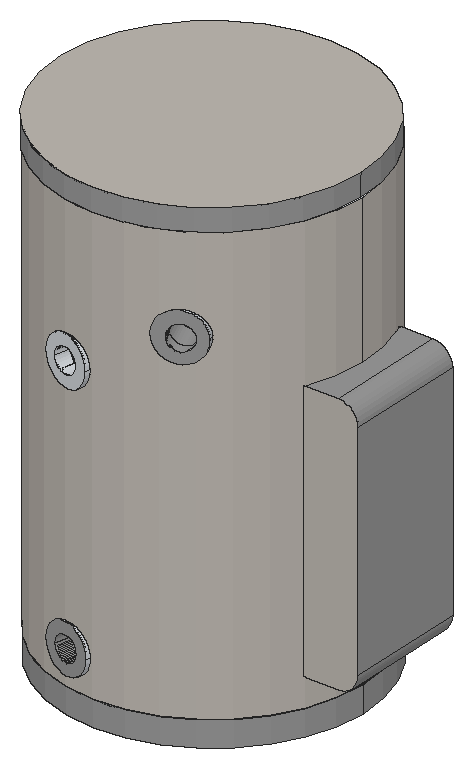
Revit family "Enamel elec 60L", category Generic Models, Revit 2021
Family settings
  Can host rebar = No
  Round Connector Dimension = Use Diameter
  Part Type = Normal
  Work Plane-Based = Yes
  Always vertical = Yes
  Cut with Voids When Loaded = No
  Shared = No
  Room Calculation Point = No
Parameters
  Default Elevation = 1219.2 mm
Reference planes
  plane 1 "Center (Front/Back)": y = 0
  plane 2: z = 0
  plane 3 "Center (Left/Right)": x = 0
Forms (mm)
  Extrusion 1, solid
    sketch origin (-11826.282, 0.442, 1.25) x (1, 0, 0) y (0, 1, 0)
      loop
        circle (11802.381, 3146.28) r 235
    from 0 to 684.518
  Extrusion 2, solid
    sketch origin (332.93, 2987.568, 76.347) x (0.999848, 0.017452, 0) y (0, 0, 1)
      loop
        arc (-84.606, -30) -> (-63.392, -21.213) -> (-54.606, 0) r 30
        line (-54.606, 0) -> (-54.606, 348.431)
        arc (-54.606, 348.431) -> (-63.392, 369.644) -> (-84.606, 378.431) r 30
        line (-84.606, 378.431) -> (-133.511, 378.431)
        arc (-133.511, 378.431) -> (-154.725, 369.644) -> (-163.511, 348.431) r 30
        line (-163.511, 348.431) -> (-163.511, 0)
        arc (-163.511, 0) -> (-154.725, -21.213) -> (-133.511, -30) r 30
        line (-133.511, -30) -> (-84.606, -30)
    from -258.374 to -69.043
  Extrusion 3, solid
    sketch origin (-11826.815, -17.623, 0) x (1, 0, 0) y (0, 1, 0)
      loop
        circle (11803.756, 3164.776) r 235
    from -40 to 0
  Extrusion 4, solid
    sketch origin (-11849.87, -4.525, 1730) x (1, 0, 0) y (0, 1, 0)
      loop
        circle (11823.969, 3151.015) r 235
    from -1044.232 to -1010
  Extrusion 5, solid
    sketch origin (-115.162, 2889.951, -1022.534) x (0.913545, 0.406737, 0) y (0, 0, 1)
      loop
        circle (208.16, 1560.773) r 38
    from 22.007 to 39.075
  Extrusion 6, void
    sketch origin (-96.881, 2852.615, -1023.784) x (-0.913545, -0.406737, 0) y (0, 0, 1)
      loop
        circle (-207.948, 1560.667) r 20
    from -22.623 to 63.795
  Extrusion 7, solid
    sketch origin (146.364, 2927.996, -1507.027) x (-0.981627, 0.190809, 0) y (0, 0, -1)
      loop
        circle (207.816, -1562.5) r 38
    from 31.636 to 54.76
  Extrusion 8, void
    sketch origin (135.915, 2874.242, -1508.902) x (0.981627, -0.190809, 0) y (0, 0, -1)
      loop
        circle (-208.35, -1563.737) r 20
    from -31.301 to 92.493
  Extrusion 9, solid
    sketch origin (145.922, 2924.07, -1102.027) x (-0.978148, 0.207912, 0) y (0, 0, -1)
      loop
        circle (207.816, -1562.5) r 38
    from 31.636 to 54.76
  Extrusion 10, void
    sketch origin (134.536, 2870.506, -1103.902) x (0.978148, -0.207912, 0) y (0, 0, -1)
      loop
        circle (-208.35, -1563.737) r 20
    from -31.301 to 92.493
Cuts and joins
  Extrusion 6, Extrusion 8, Extrusion 10 cuts Extrusion 1
  Extrusion 6 cuts Extrusion 5
  Extrusion 8, Extrusion 10 cuts Extrusion 7
  Extrusion 10 cuts Extrusion 9
Dimensions and locks
  Extrusion 4 to Extrusion 3 = 760 mm  (x2)
  Extrusion 2 to Extrusion 3 = 86.347 mm
  Extrusion 2 sketch curve to Extrusion 2 sketch curve = 408.431 mm
  cut or joined group of Extrusion 1, Extrusion 6, Extrusion 8, Extrusion 10 to cut or joined group of Extrusion 7, Extrusion 8, Extrusion 10 = 53.584 mm
  diameter of cut or joined group of Extrusion 1, Extrusion 6, Extrusion 8, Extrusion 10 = 470 mm
  aligned and locked: level to plane 2
  aligned and locked: Extrusion 1 to Extrusion 4
